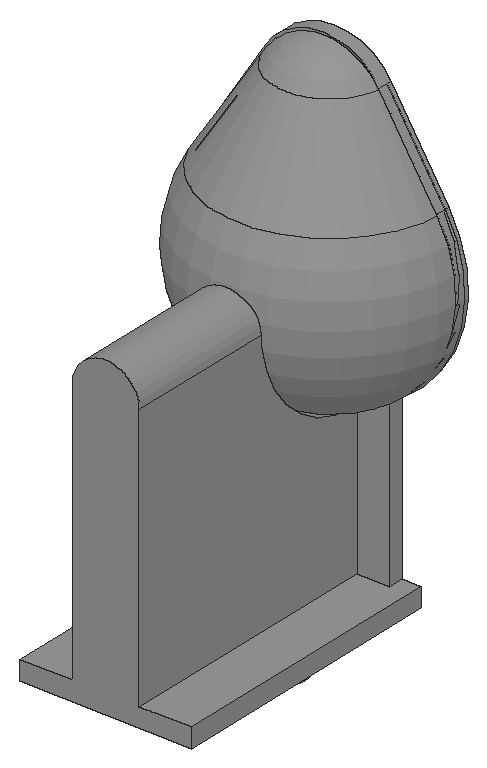
Revit family "Toilet-Willoughby-1490-ETW-FM-TS", category Plumbing Fixtures, host Face, Revit 2014
Parameters (values of type "Standard")
  Waste DIA = 2 1/2"
  Waste Connection = yes
  W-RAD [instance] = Waste DIA / 2  # 0' - 1 1/4"
  Vent Connection = no
  URL = "www.willoughby-ind.com"
  Type Comments = "Blow Out Flush"
  Revision = "A"
  Model = "ETW-1490-FM-TS"
  Manufacturer = "Willoughby Industries"
  HW Connection = no
  Flush inlet DIA = 1 1/2"
  Flush Inlet Connection = yes
  Fixture Body = Stainless Steel AISI 304-Willoughby
  F-RAD [instance] = Flush inlet DIA / 2  # 0' - 0 3/4"
  Description = "Floor Mounted Toilet"
  Default Elevation = 0' - 0"
  Contact Number = "(800) 428-4065"
  CW Connection = no
Reference planes (in)
  plane 1 "Base": y = -16.25
  plane 2: z = 0
  plane 3 "Center": x = 18.31072
  plane 4 "Waste height": y = -4.75
  plane 5 "Seat HGT": y = -1.25
  plane 6: y = -2.125
  plane 7: x = 16.56072
  plane 8: x = 20.06072
  plane 9: x = 13.81072
  plane 10: x = 22.81072
  plane 11: z = 2.70924
Forms (in)
  Extrusion 1, solid, material "Stainless Steel AISI 304-Willoughby" <- "Fixture Body"
    sketch origin (16.08109, 7.47968, -7.1422) x (-1, 0, 0) y (0, 0, -1)
      loop
        line (1.29775, -16.80087) -> (1.29775, -7.1422) -> (-5.72963, -7.1422) -> (-5.72963, -16.81676)
        arc (-5.72963, -16.81676) -> (-8.98136, -21.11843) -> (-8.21015, -26.45542) r 7
        line (-8.21015, -26.45542) -> (-5.16818, -31.31054)
        arc (-5.16818, -31.31054) -> (-2.20225, -32.95225) -> (0.76368, -31.31054) r 3.5
        line (0.76368, -31.31054) -> (3.80565, -26.45542)
        arc (3.80565, -26.45542) -> (4.5729, -21.10311) -> (1.29775, -16.80087) r 7
      loop
        arc (2.03989, -24.70557) -> (-2.20225, -18.23804) -> (-6.44438, -24.70557) r 4.625
        line (-6.44438, -24.70557) -> (-4.04125, -30.23842)
        arc (-4.04125, -30.23842) -> (-2.20225, -31.45225) -> (-0.36324, -30.23842) r 2
        line (-0.36324, -30.23842) -> (2.03989, -24.70557)
    from 8.72968 to 9.5
  Revolve 2, solid, material "Stainless Steel AISI 304-Willoughby" <- "Fixture Body"
    sketch origin (19.37981, -1.52032, -3.93365) x (-1, 0, 0) y (0, 0, -1)
      loop
        line (1.06174, -12.59906) -> (1.06174, -12.84906)
        arc (1.06174, -12.84906) -> (6.96784, -16.33096) -> (6.78077, -23.18447) r 6.75
        line (6.78077, -23.18447) -> (3.81535, -27.91457)
        arc (3.81535, -27.91457) -> (2.63527, -29.03194) -> (1.06174, -29.43826) r 3.25
        line (1.06174, -29.43826) -> (1.06174, -29.68826)
        arc (1.06174, -29.68826) -> (2.75672, -29.25045) -> (4.02767, -28.04656) r 3.5
        line (4.02767, -28.04656) -> (7.06964, -23.19143)
        arc (7.06964, -23.19143) -> (7.15052, -16.14555) -> (1.06174, -12.59906) r 7
      axis (1.06174, -12.59906) -> (1.06174, -29.68826)
    angle from 0 to -180
  Extrusion 3, solid, material "Stainless Steel AISI 304-Willoughby" <- "Fixture Body"
    sketch origin (19.53334, -3.02032, -4.9508) x (0, 1, 0) y (0, 0, 1)
      loop
        line (-5.27082, 4.9508) -> (1, 4.9508) -> (1, 13.80524)
        arc (1, 13.80524) -> (-3.15813, 15.45207) -> (-5.27082, 19.39398) r 6.50625
        line (-5.27082, 19.39398) -> (-5.27082, 4.9508)
    from 0.52738 to -2.97262
  Extrusion 4, solid, material "Stainless Steel AISI 304-Willoughby" <- "Fixture Body"
    sketch origin (0, 14.59309, 0) x (1, 0, 0) y (0, 1, 0)
      loop
        circle (18.31072, -19.34309) r 1.25
    from 5.5 to -3
  Extrusion 5, solid, material "Stainless Steel AISI 304-Willoughby" <- "Fixture Body"
    sketch origin (0, 1.11185, 0) x (1, 0, 0) y (0, 0, 1)
      loop
        circle (18.31072, 2.70924) r 0.75
    from 2.36185 to 1.42435
  Extrusion 6, solid, material "Stainless Steel AISI 304-Willoughby" <- "Fixture Body"
    sketch origin (0, -16.25, 0) x (1, 0, 0) y (0, 0, 1)
      loop
        line (22.81072, 0) -> (22.81072, 1) -> (13.81072, 1) -> (13.81072, 0) -> (22.81072, 0)
    from -15 to 0
  Extrusion 7, solid, material "Stainless Steel AISI 304-Willoughby" <- "Fixture Body"
    sketch origin (0, -16.25, 0) x (1, 0, 0) y (0, 0, 1)
      loop
        line (20.06072, 0) -> (20.06072, 14.90818)
        arc (20.06072, 14.90818) -> (18.31072, 16.65818) -> (16.56072, 14.90818) r 1.75
        line (16.56072, 14.90818) -> (16.56072, 0) -> (20.06072, 0)
    from 0 to -7.95886
Cuts and joins
  joined: Extrusion 1, Extrusion 3, Extrusion 4, Extrusion 6, Extrusion 7
Lines and regions (in)
  symbolic lines
    curve 1: line (11.28334, -2.02032, 0) -> (11.28334, -1.25, 0)
    curve 2: line (11.28334, -1.25, 0) -> (25.28334, -1.25, 0)
    curve 3: line (25.28334, -1.25, 0) -> (25.28334, -2.02032, 0)
    curve 4: arc (25.28334, -2.02032, 0) -> (23.0776, -6.6446, 0) -> (18.31072, -8.52239, 0) r 6.98983
    curve 5: arc (18.31072, -8.52239, 0) -> (13.52369, -6.64758, 0) -> (11.28334, -2.02032, 0) r 7.04842
    curve 6: line (22.81072, -6.88104, 0) -> (22.81072, -16.25, 0)
    curve 7: line (22.81072, -16.25, 0) -> (13.81072, -16.25, 0)
    curve 8: line (13.81072, -16.25, 0) -> (13.81072, -6.89908, 0)
    curve 9: line (16.56072, -8.30173, 0) -> (16.56072, -16.25, 0)
    curve 10: line (20.06072, -8.29974, 0) -> (20.06072, -16.25, 0)
    curve 11: line (14.78334, -16.25, 9.65867) -> (14.78334, -16.25, 1)
    curve 12: line (14.78334, -16.25, 1) -> (13.81072, -16.25, 1)
    curve 13: line (13.81072, -16.25, 1) -> (13.81072, -16.25, 0)
    curve 14: line (13.81072, -16.25, 0) -> (22.81072, -16.25, 0)
    curve 15: line (22.81072, -16.25, 0) -> (22.81072, -16.25, 1)
    curve 16: line (22.81072, -16.25, 1) -> (21.81072, -16.25, 1)
    curve 17: line (21.81072, -16.25, 1) -> (21.81072, -16.25, 9.67456)
    curve 18: arc (21.81072, -16.25, 9.67456) -> (25.08799, -16.25, 13.93608) -> (24.32597, -16.25, 19.25778) r 6.9206
    curve 19: line (24.32597, -16.25, 19.25778) -> (21.24927, -16.25, 24.16835)
    curve 20: arc (21.24927, -16.25, 24.16835) -> (19.97832, -16.25, 25.37224) -> (18.28334, -16.25, 25.81005) r 3.5
    curve 21: arc (18.28334, -16.25, 25.81005) -> (16.58835, -16.25, 25.37224) -> (15.31741, -16.25, 24.16835) r 3.5
    curve 22: line (15.31741, -16.25, 24.16835) -> (12.35249, -16.25, 19.43905)
    curve 23: arc (12.35249, -16.25, 19.43905) -> (11.49002, -16.25, 14.03241) -> (14.78334, -16.25, 9.65867) r 7
    curve 29: line (18.31072, -8.4296, 16.67525) -> (18.31072, -16.25, 16.67525)
    curve 30: line (18.31072, -16.25, 16.67525) -> (18.31072, -16.25, 0)
    curve 31: line (18.31072, -16.25, 0) -> (18.31072, -1.25, 0)
    curve 32: line (18.31072, -1.25, 0) -> (18.31072, -1.25, 25.81005)
    curve 33: line (18.31072, -1.25, 25.81005) -> (18.31072, -2.02032, 25.81005)
    curve 34: arc (18.31072, -2.02032, 25.81005) -> (18.31072, -3.29152, 25.30605) -> (18.31072, -4.30177, 24.38445) r 3.79748
    curve 35: line (18.31072, -4.30177, 24.38445) -> (18.31072, -7.52822, 19.25778)
    curve 36: arc (18.31072, -7.52822, 19.25778) -> (18.31072, -8.12539, 18.01764) -> (18.31072, -8.4296, 16.67525) r 6.10578
    curve 37: arc (18.31072, -8.4296, 16.67525) -> (18.31072, -8.31403, 15.24489) -> (18.31072, -8.29114, 13.81005) r 22.19593
    curve 38: arc (18.31072, -8.29114, 13.81005) -> (18.31072, -5.95289, 10.31029) -> (18.31072, -2.02032, 8.81005) r 6.92744
    curve 39: line (18.31072, -1.25, 9.65867) -> (18.31072, -2.02032, 9.65867)
    curve 40: line (18.31072, -2.02032, 9.65867) -> (18.31072, -2.02032, 1)
    curve 41: line (18.31072, -2.02032, 1) -> (18.31072, -16.25, 1)
  symbolic lines, detail levels fine
    curve 24: arc (14.0412, -16.25, 17.56337) -> (18.28334, -16.25, 11.09585) -> (22.52547, -16.25, 17.56337) r 4.625
    curve 25: line (22.52547, -16.25, 17.56337) -> (20.12234, -16.25, 23.09622)
    curve 26: arc (20.12234, -16.25, 23.09622) -> (19.38317, -16.25, 23.97635) -> (18.28334, -16.25, 24.31005) r 2.01767
    curve 27: arc (18.28334, -16.25, 24.31005) -> (17.17969, -16.25, 23.98213) -> (16.44433, -16.25, 23.09622) r 1.9827
    curve 28: line (16.44433, -16.25, 23.09622) -> (14.0412, -16.25, 17.56337)
Dimensions and locks (in)
  locked: plane 1 "Base" to plane 4 "Waste height" at 11.5
  locked: plane 1 "Base" to plane 5 "Seat HGT" at 15
  plane 9 to plane 3 "Center" = 0' - 4 1/2"
  plane 9 to plane 10 = 0' - 9"
  "W-RAD": radius of Extrusion 4 sketch curve
  "F-RAD": radius of Extrusion 5 sketch curve
  aligned and locked: plane 2 to host face
  aligned and locked: level to host face
  aligned and locked: plane 3 "Center" to Extrusion 4 sketch curve
  aligned and locked: plane 4 "Waste height" to Extrusion 4 sketch curve
  aligned and locked: plane 3 "Center" to Extrusion 5 sketch curve
  aligned and locked: plane 11 to Extrusion 5 sketch curve
  aligned and locked: cut or joined group of Extrusion 1, Extrusion 3, Extrusion 4, Extrusion 6, Extrusion 7 to Extrusion 1  (x2)
  aligned and locked: Extrusion 1 to Revolve 2
Automatic sketch dimensions
  host sketch curve to host sketch curve = 2' - 9.86022"
  host sketch curve to host sketch curve = 2' - 9.24801"
  Extrusion 1 sketch curve to Extrusion 1 sketch curve = 0' - 0"  (x8)
  Extrusion 1 sketch curve to level = 0' - 0"
  plane 3 "Center" to Extrusion 1 sketch curve = 0' - 5.98052"
  Extrusion 1 sketch curve to Extrusion 1 sketch curve = 0' - 1.76576"  (x2)
  plane 3 "Center" to Extrusion 1 sketch curve = 0' - 3 1/2"
  plane 3 "Center" to Extrusion 1 sketch curve = 0' - 2.93855"
  Extrusion 1 sketch curve to Extrusion 1 sketch curve = 0' - 1.12693"  (x2)
  Extrusion 1 sketch curve to plane 3 "Center" = 0' - 0.02738"  (x2)
  Extrusion 1 sketch curve to plane 3 "Center" = 0' - 1.86639"
  Extrusion 1 sketch curve to plane 3 "Center" = 0' - 3.52738"
  Extrusion 1 sketch curve to plane 3 "Center" = 0' - 4 69/256"
  Extrusion 1 sketch curve to Extrusion 1 sketch curve = 0' - 9.65867"
  Extrusion 1 sketch curve to Extrusion 1 sketch curve = 0' - 0.01589"
  Extrusion 1 sketch curve to Extrusion 1 sketch curve = 0' - 6.06218"
  Extrusion 1 sketch curve to Extrusion 1 sketch curve = 0' - 1.74985"
  Extrusion 1 sketch curve to Extrusion 1 sketch curve = 0' - 4.74668"
  Extrusion 1 sketch curve to Extrusion 1 sketch curve = 0' - 0.78617"
  Extrusion 1 sketch curve to Extrusion 1 sketch curve = 0' - 1.07212"
  Revolve 2 sketch curve to Revolve 2 sketch curve = 0' - 0"  (x2)
  plane 3 "Center" to Revolve 2 sketch curve = 0' - 0.00736"  (x4)
  Revolve 2 sketch curve to plane 3 "Center" = 0' - 2.74625"
  Revolve 2 sketch curve to Revolve 2 sketch curve = 0' - 0.21232"
  Revolve 2 sketch curve to Revolve 2 sketch curve = 0' - 2.96542"
  Revolve 2 sketch curve to Revolve 2 sketch curve = 0' - 0.28887"
  level to Revolve 2 sketch curve = 2' - 1.75461"
  Revolve 2 sketch curve to Revolve 2 sketch curve = 0' - 0 1/4"
  Revolve 2 sketch curve to Revolve 2 sketch curve = 0' - 1.3917"
  Revolve 2 sketch curve to Revolve 2 sketch curve = 0' - 0.13199"
  Revolve 2 sketch curve to Revolve 2 sketch curve = 0' - 4.85513"
  Revolve 2 sketch curve to Revolve 2 sketch curve = 0' - 0.00696"
  Revolve 2 sketch curve to Revolve 2 sketch curve = 0' - 3 1/4"
  Revolve 2 sketch curve to Revolve 2 sketch curve = 0' - 3.3392"
  Revolve 2 sketch curve to Revolve 2 sketch curve = 0' - 2.4108"
  Extrusion 6 sketch curve to plane 9 = 0' - 0"
  Extrusion 6 sketch curve to plane 10 = 0' - 0"
  Extrusion 6 sketch curve to level = 0' - 0"
  level to Extrusion 6 sketch curve = 0' - 1"
  Extrusion 7 sketch curve to level = 0' - 0"
  Extrusion 7 sketch curve to plane 8 = 0' - 0"
  plane 11 to Extrusion 7 sketch curve = 1' - 0.19894"
  plane 7 to Extrusion 7 sketch curve = 0' - 0"
  plane 5 "Seat HGT" to curve 1 = 0' - 0"
  curve 8 to plane 9 = 0' - 0"
  curve 9 to plane 7 = 0' - 0"
  curve 4 to plane 3 "Center" = 0' - 0"
  plane 1 "Base" to curve 10 = 0' - 0"
  curve 10 to plane 8 = 0' - 0"
  curve 6 to plane 10 = 0' - 0"
  curve 5 to plane 3 "Center" = 0' - 0"
  curve 5 to plane 3 "Center" = 0' - 0.00017"
  plane 6 to curve 3 = 0' - 0.10468"
  plane 10 to curve 3 = 0' - 2.47262"
  plane 6 to curve 1 = 0' - 0.10468"
  plane 5 "Seat HGT" to curve 4 = 0' - 0.28257"
  curve 5 to curve 10 = 0' - 0 57/256"
  curve 20 to curve 21 = 0' - 0"
  curve 23 to curve 24 = 0' - 0"  (x2)
  curve 14 to level = 0' - 0"
  curve 14 to plane 9 = 0' - 0"
  curve 15 to plane 10 = 0' - 0"
  curve 22 to plane 9 = 0' - 1.45823"
  curve 12 to curve 11 = 0' - 0.97262"
  curve 22 to plane 7 = 0' - 1.24331"
  curve 26 to plane 3 "Center" = 0' - 0.03902"
  curve 26 to curve 27 = 0' - 0.0002"
  curve 24 to plane 3 "Center" = 0' - 0.02738"
  curve 27 to curve 21 = 0' - 0.01144"
  plane 3 "Center" to curve 18 = 0' - 0.08339"
  plane 8 to curve 25 = 0' - 0.06162"
  plane 8 to curve 19 = 0' - 1.18855"
  curve 17 to plane 10 = 0' - 1"
  curve 25 to plane 10 = 0' - 0.28525"
  plane 10 to curve 19 = 0' - 1.51526"
  level to curve 12 = 0' - 1"
  level to curve 16 = 0' - 1"
  plane 11 to curve 11 = 0' - 6.94943"
  plane 11 to curve 17 = 0' - 6.96532"
  curve 17 to curve 18 = 0' - 6.01843"
  curve 18 to curve 24 = 0' - 0.02786"
  curve 25 to curve 18 = 0' - 1.6944"
  curve 25 to curve 26 = 0' - 4.72905"
  curve 26 to curve 20 = 0' - 0.01763"
  curve 21 to curve 27 = 0' - 0.01733"
  curve 21 to curve 25 = 0' - 0.78617"
  curve 25 to curve 19 = 0' - 1.07212"
  plane 9 to curve 24 = 0' - 0 59/256"
  curve 28 to plane 7 = 0' - 0.11639"
  curve 27 to curve 26 = 0' - 0"
  curve 30 to plane 1 "Base" = 0' - 0"
  curve 32 to plane 5 "Seat HGT" = 0' - 0"
  curve 32 to level = 0' - 0"
  plane 1 "Base" to curve 37 = 1' - 2.23409"
  plane 4 "Waste height" to curve 29 = 0' - 3.6796"
  curve 36 to curve 35 = 0' - 0.90137"
  curve 35 to plane 4 "Waste height" = 0' - 0.44823"
  curve 36 to plane 6 = 0' - 0.23566"
  plane 6 to curve 40 = 0' - 0.10468"
  plane 6 to curve 33 = 0' - 0.10468"
  plane 5 "Seat HGT" to curve 38 = 0' - 0.38413"
  plane 5 "Seat HGT" to curve 34 = 0' - 0.02916"
  plane 11 to curve 39 = 0' - 6.94943"
  plane 11 to curve 37 = 0' - 11.46429"
  curve 39 to curve 38 = 0' - 6.06805"
  curve 38 to curve 36 = 0' - 0.27887"
  curve 36 to curve 30 = 0' - 0.66967"
  curve 36 to curve 34 = 0' - 6.08002"
  curve 34 to curve 35 = 0' - 2.29884"
  curve 37 to curve 37 = 0' - 0.13846"
  level to curve 41 = 0' - 1"
  Extrusion 3 sketch curve to level = 0' - 0"
  plane 4 "Waste height" to Extrusion 3 sketch curve = 0' - 3.54114"
  plane 6 to Extrusion 3 sketch curve = 0' - 0.10468"
  plane 6 to Extrusion 3 sketch curve = 0' - 0.27542"
  plane 11 to Extrusion 3 sketch curve = 1' - 0.64921"
  Extrusion 3 sketch curve to Extrusion 3 sketch curve = 0' - 6.50401"
Connectors (in)
  piping at (18.31072, -4.75, -3), diameter 2.5, driven by "W-RAD", driven by "Waste Connection"
    settings: on Extrusion 4, index 1, connector inside diameter 2 1/2", connector length 0' - 0", flow factor 0, pipe flow 0 GPM, pressure drop 0.00 psi, fitting loss kfactor 0, connector angle 0.00°, fixture units 0, engagement length 0' - 0", angle of deflection 0.00°, flow configuration 0, flow direction 2, fitting loss method 0, system type 16, joint type 0, gender type 0, connector reference index -1, connector utility 1, adjustable connector yes, is connector primary yes, connector description "Toilet Waste"
  piping at (18.31072, -0.3125, 2.70924), diameter 1.5, driven by "F-RAD", driven by "Flush Inlet Connection"
    settings: on Extrusion 5, index 2, connector inside diameter 1 1/2", connector length 0' - 0", flow factor 0, pipe flow 0 GPM, pressure drop 0.00 psi, fitting loss kfactor 0, connector angle 0.00°, fixture units 0, engagement length 0' - 0", angle of deflection 0.00°, flow configuration 0, flow direction 1, fitting loss method 0, system type 20, joint type 0, gender type 0, connector reference index -1, connector utility 1, adjustable connector no, is connector primary no, connector description "Flush Inlet"
